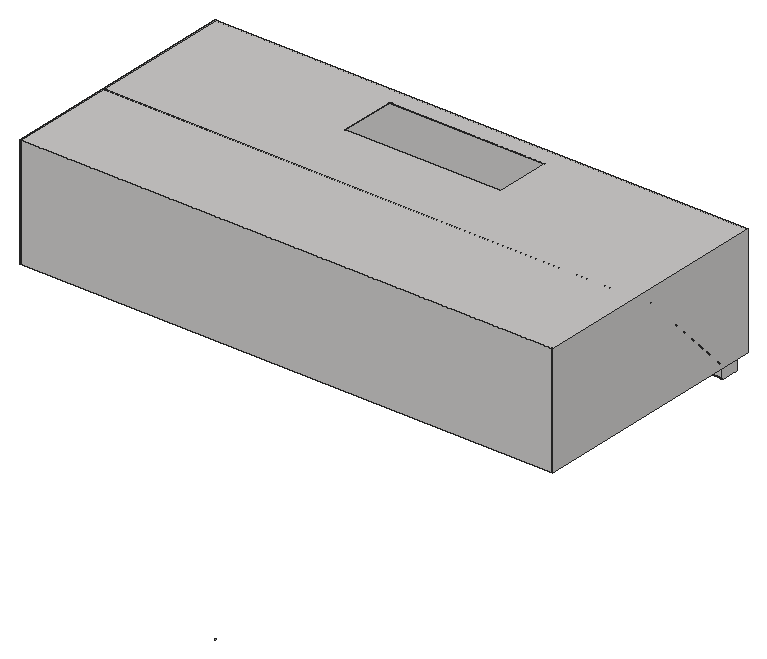
Revit family "QF_ELECTROLUXPROFESSIONAL_642018_EP1124T", category Attrezzature speciali, Revit 2021
Family settings
  Quota connettore circolare = Usa diametro
  Tipo di parte = Normale
  Basato su piano di lavoro = No
  Sempre verticale = Sì
  Taglio con vuoti quando caricato = No
  Condiviso = No
  Punto di calcolo locali = No
Parameters (values of type "Standard")
  Weight = 59.00 kg
  Watts = 0 W
  Volts = 0 V
  URL Manufacturer = "https://www.electroluxprofessional.com/"
  URL = "https://www.electroluxprofessional.com/"
  Steam Supply Size = 0 mm
  Steam Supply Minimum Pressure = 0.0 Pa
  Steam Supply Maximum Pressure = 0.0 Pa
  Steam Consumption per Hour = 0
  Refrigeration Suction Line Size = 0 mm
  Refrigeration Liquid Line Size = 0 mm
  Refrigerant Compressor Remote = yes
  Prospetto di default = 0 mm
  Produttore = "Electrolux Professional"
  Phase = 0
  Modello = "EP1124T"
  Length Actual = 2400 mm  # constant formula
  Item Number = "642018"
  Hot Water Size = 0 mm
  Height Actual = 500 mm  # constant formula
  HP = "0 HP"
  Gas Size = 0 mm
  Gas KW = 0
  Gas Input Pressure = 0 W
  Direct Waste Size = 0 mm
  Descrizione = "304 S/S WALL HOOD+FILTERS 2400X1100MM"
  Depth Actual = 1100 mm  # constant formula
  Cycle = 0 Hz
  Condensate Return Size = 0 mm
  Compressed Air Volume = 0.0 L/s
  Compressed Air Size = 0 mm
  Compressed Air Pressure = 0.0 Pa
  Cold Water Size = 0 mm
  Accessory = yes
Reference planes
  plane 1 "Center (Front/Back)": y = 0
  plane 2: z = 0
  plane 3 "Center (Left/Right)": x = 150
  plane 4 "LEFT": x = -1050
  plane 5 "RIGHT": x = 1350
  plane 6 "BACK": y = 550
  plane 7 "FRONT": y = -550
  plane 8 "TOP": z = 2500
  plane 9 "Base": z = 2000
  plane 10: z = 1926
  plane 11 "DrainY": y = 485
  plane 12: x = -1047
  plane 13: through (0, 414.509, 2000.8) normal (0, 0.7314, 0.682)
  plane 14: y = 470
  plane 15: y = 220
  plane 16 "DrainX": x = 1230
  plane 17: x = 500
  plane 18: x = -200
  plane 19: x = 1347
  plane 20: x = 1140
  plane 21: x = 1320
  plane 22: x = -1010
  plane 23: x = -645
  plane 24: x = -450
  plane 25: x = 1310
  plane 26: x = 945
  plane 27: x = 750
  plane 28: x = -47.5
  plane 29: x = 347.5
Forms (mm)
  Extrusion 1, solid, material "QF_Finishes_Stainless Steel"
    sketch origin (-1050, 0, 360) x (0, 1, 0) y (0, 0, 1)
      loop
        line (550, 1640) -> (550, 2140) -> (-550, 2140) -> (-550, 1640) -> (550, 1640)
    from 0 to 3
  Extrusion 2, solid, material "QF_Finishes_Stainless Steel"
    sketch origin (150, 0, 360) x (0, 1, 0) y (0, 0, 1)
      loop
        line (415.255, 1640) -> (550, 1640) -> (550, 2139.19) -> (549.2, 2139.19) -> (549.2, 1640.8) -> (415.876, 1640.8) -> (339.347, 1722.867) -> (349.609, 1732.436) -> (348.927, 1733.167) -> (337.934, 1722.917) -> (415.255, 1640)
      loop
        line (-82.203, 2139.19) -> (-82.203, 2118.6) -> (-31.047, 2118.6) -> (34.354, 2048.466) -> (46.028, 2059.352) -> (45.346, 2060.083) -> (34.403, 2049.879) -> (-30.612, 2119.6) -> (-81.203, 2119.6) -> (-81.203, 2139.19) -> (-82.203, 2139.19)
    from -1197 to 1197
  Extrusion 3, solid, material "QF_Finishes_Stainless Steel"
    sketch origin (1350, 0, 360) x (0, 1, 0) y (0, 0, 1)
      loop
        line (550, 1640) -> (550, 2140) -> (-550, 2140) -> (-550, 1640) -> (550, 1640)
    from 0 to -3
  Extrusion 4, solid, material "QF_Finishes_Stainless Steel"
    sketch origin (150, 0, 360) x (0, 1, 0) y (0, 0, 1)
      loop
        line (-550, 2140) -> (-550, 1640) -> (-549.2, 1640) -> (-549.2, 2139.19) -> (550, 2139.19) -> (550, 2140) -> (-550, 2140)
    from -1200 to 1200
  Extrusion 5, solid, material "QF_Finishes_Stainless Steel"
    sketch origin (150, 0, 360) x (0, 1, 0) y (0, 0, 1)
      loop
        line (534, 1640) -> (436, 1640) -> (436, 1627) -> (443.5, 1627) -> (443.5, 1576)
        arc (443.5, 1576) -> (446.429, 1568.929) -> (453.5, 1566) r 10
        line (453.5, 1566) -> (516.5, 1566)
        arc (516.5, 1566) -> (523.571, 1568.929) -> (526.5, 1576) r 10
        line (526.5, 1576) -> (526.5, 1627) -> (534, 1627) -> (534, 1640)
    from 990 to 1170
  Extrusion 6, solid, material "QF_Finishes_Stainless Steel"
    sketch origin (0, 0, 2000) x (0, 1, 0) y (-1, 0, 0)
      loop
        circle (485, -1230) r 20
    from -76 to -74
  Extrusion 7, solid, material "QF_Finished_Chrome"
    sketch origin (150, 0, 360) x (0, 1, 0) y (0, 0, 1)
      loop
        line (337.934, 1722.917) -> (341.591, 1726.327) -> (38.011, 2051.876) -> (34.354, 2048.466) -> (337.934, 1722.917)
    from -795 to -1160
  Extrusion 8, solid, material "QF_Finished_Chrome"
    sketch origin (150, 0, 360) x (0, 1, 0) y (0, 0, 1)
      loop
        line (337.934, 1722.917) -> (341.591, 1726.327) -> (38.011, 2051.876) -> (34.354, 2048.466) -> (337.934, 1722.917)
    from -197.5 to -600
  Extrusion 9, solid, material "QF_Finishes_Stainless Steel"
    sketch origin (150, 0, 360) x (0, 1, 0) y (0, 0, 1)
      loop
        line (337.934, 1722.917) -> (341.591, 1726.327) -> (38.011, 2051.876) -> (34.354, 2048.466) -> (337.934, 1722.917)
    from 1197 to 1160
  Extrusion 10, solid, material "QF_Finishes_Stainless Steel"
    sketch origin (150, 0, 360) x (0, 1, 0) y (0, 0, 1)
      loop
        line (341.588, 1726.324) -> (38.009, 2051.874) -> (34.354, 2048.466) -> (337.934, 1722.917) -> (341.588, 1726.324)
    from -795 to -600
  Extrusion 11, solid, material "QF_Finished_Chrome"
    sketch origin (150, 0, 360) x (0, 1, 0) y (0, 0, 1)
      loop
        line (341.588, 1726.324) -> (38.009, 2051.874) -> (34.354, 2048.466) -> (337.934, 1722.917) -> (341.588, 1726.324)
    from 795 to 1160
  Extrusion 12, void
    sketch origin (0, 0, 2500) x (0, 1, 0) y (-1, 0, 0)
      loop
        line (470, 200) -> (220, 200) -> (220, -500) -> (470, -500) -> (470, 200)
    from 0 to -10
  Extrusion 13, solid, material "QF_Finishes_Stainless Steel"
    sketch origin (0, 0, 0) x (1, 0, 0) y (0, 1, 0)
      loop
        line (-1050, 550) -> (-1050, 549) -> (-1049, 549) -> (-1049, 550) -> (-1050, 550)
    from 0 to 1
  Extrusion 14, solid, material "QF_Finishes_Stainless Steel"
    sketch origin (150, 0, 360) x (0, 1, 0) y (0, 0, 1)
      loop
        line (337.934, 1722.917) -> (341.591, 1726.327) -> (38.011, 2051.876) -> (34.354, 2048.466) -> (337.934, 1722.917)
    from -1160 to -1197
  Extrusion 15, solid, material "QF_Finishes_Stainless Steel"
    sketch origin (150, 0, 360) x (0, 1, 0) y (0, 0, -1)
      loop
        line (341.588, -1726.324) -> (337.934, -1722.917) -> (34.354, -2048.466) -> (38.009, -2051.874) -> (341.588, -1726.324)
    from -795 to -600
  Extrusion 16, solid, material "QF_Finished_Chrome"
    sketch origin (150, 0, 360) x (0, 1, 0) y (0, 0, 1)
      loop
        line (337.934, 1722.917) -> (341.591, 1726.327) -> (38.011, 2051.876) -> (34.354, 2048.466) -> (337.934, 1722.917)
    from 600 to 197.5
  Extrusion 17, solid, material "QF_Finishes_Stainless Steel"
    sketch origin (150, 0, 360) x (0, 1, 0) y (0, 0, -1)
      loop
        line (341.588, -1726.324) -> (337.934, -1722.917) -> (34.354, -2048.466) -> (38.009, -2051.874) -> (341.588, -1726.324)
    from -197.5 to 197.5
Cuts and joins
  Extrusion 12 cuts Extrusion 4
  joined: Extrusion 2, Extrusion 4
Lines and regions (mm)
  reference lines
    curve 1: line (150, 34.354, 2408.466) -> (150, 34.354, 2248.466)
  symbolic lines, style "SpecialityEquipment", detail levels coarse
    curve 2: line (1350, 550, 2500) -> (-1050, 550, 2500)
    curve 3: line (-1050, 550, 2500) -> (-1050, -550, 2500)
    curve 4: line (1350, -550, 2500) -> (1350, 550, 2500)
    curve 5: line (-1050, -550, 2500) -> (1350, -550, 2500)
    curve 6: line (-200, 220, 2500) -> (500, 220, 2500)
    curve 7: line (-200, 470, 2500) -> (-200, 220, 2500)
    curve 8: line (500, 470, 2500) -> (-200, 470, 2500)
    curve 9: line (500, 220, 2500) -> (500, 470, 2500)
    curve 10: line (-1050, 550, 0) -> (1350, -550, 0)
    curve 11: line (1350, 550, 0) -> (-1050, -550, 0)
Dimensions and locks
  plane 4 "LEFT" to plane 5 "RIGHT" = 2400 mm
  equal spacing: plane 4 "LEFT", plane 3 "Center (Left/Right)", plane 5 "RIGHT"
  plane 9 "Base" to plane 10 = 74 mm
  plane 6 "BACK" to plane 11 "DrainY" = 65 mm  (x2)
  plane 4 "LEFT" to plane 12 = 3 mm
  plane 6 "BACK" to plane 14 = 80 mm
  plane 14 to plane 15 = 250 mm  (x2)
  plane 16 "DrainX" to plane 5 "RIGHT" = 120 mm
  plane 19 to plane 5 "RIGHT" = 3 mm
  locked: plane 20 to plane 16 "DrainX" at 90
  locked: plane 16 "DrainX" to plane 21 at 90
  plane 6 "BACK" to plane 7 "FRONT" = 1100 mm  (x2)
  equal spacing: plane 6 "BACK", plane 1 "Center (Front/Back)", plane 7 "FRONT"
  plane 15 to plane 7 "FRONT" = 770 mm
  plane 14 to plane 6 "BACK" = 80 mm
  locked: plane 4 "LEFT" to plane 22 at 40
  locked: plane 22 to plane 23 at 365
  locked: plane 23 to plane 24 at 195
  locked: plane 25 to plane 26 at 365
  locked: plane 26 to plane 27 at 195
  locked: plane 25 to plane 5 "RIGHT" at 40
  locked: plane 28 to plane 29 at 395
  equal spacing: plane 28, plane 3 "Center (Left/Right)", plane 29
  locked: plane 18 to plane 17 at 700
  equal spacing: plane 18, plane 3 "Center (Left/Right)", plane 17
  plane 24 to plane 28 = 402.5 mm
  plane 29 to plane 27 = 402.5 mm
  locked: plane 9 "Base" to level at 2000
  locked: plane 8 "TOP" to plane 9 "Base" at 500
  aligned and locked: level to plane 2
  aligned and locked: Extrusion 2 to Extrusion 1
  aligned and locked: Extrusion 2 to Extrusion 3
  aligned and locked: plane 5 "RIGHT" to Extrusion 4
  aligned and locked: Extrusion 4 to plane 4 "LEFT"
  aligned and locked: plane 19 to Extrusion 9
  aligned and locked: plane 18 to Extrusion 12
  aligned and locked: Extrusion 12 to plane 17
  aligned and locked: Extrusion 12 to plane 15
  aligned and locked: Extrusion 12 to plane 14
  aligned and locked: Extrusion 2 to Extrusion 4
  aligned and locked: plane 21 to Extrusion 5
  aligned and locked: Extrusion 5 to plane 20
  aligned and locked: Extrusion 9 to plane 25
  aligned and locked: Extrusion 11 to plane 25
  aligned and locked: Extrusion 11 to plane 26
  aligned and locked: Extrusion 8 to plane 24
  aligned and locked: plane 24 to Extrusion 10
  aligned and locked: Extrusion 10 to plane 23
  aligned and locked: plane 23 to Extrusion 7
  aligned and locked: Extrusion 7 to plane 22
  aligned and locked: Extrusion 14 to plane 12
  aligned and locked: plane 22 to Extrusion 14
  aligned and locked: Extrusion 15 to plane 27
  aligned and locked: Extrusion 15 to plane 26
  aligned and locked: Extrusion 3 to plane 19
  aligned and locked: plane 28 to Extrusion 8
  aligned and locked: Extrusion 16 to plane 27
  aligned and locked: Extrusion 16 to plane 29
  aligned and locked: plane 29 to Extrusion 17
  aligned and locked: Extrusion 17 to plane 28
Automatic sketch dimensions
  curve 5 to plane 4 "LEFT" = 0 mm
  curve 5 to plane 7 "FRONT" = 0 mm
  curve 9 to plane 15 = 0 mm
  plane 14 to curve 8 = 0 mm
  curve 3 to plane 6 "BACK" = 0 mm
  curve 5 to plane 5 "RIGHT" = 0 mm
  curve 6 to plane 17 = 0 mm
  curve 6 to plane 18 = 0 mm
  Extrusion 1 sketch curve to plane 9 "Base" = 0 mm
  Extrusion 1 sketch curve to plane 6 "BACK" = 0 mm
  Extrusion 1 sketch curve to plane 8 "TOP" = 0 mm
  Extrusion 2 sketch curve to plane 13 = 0 mm  (x3)
  Extrusion 2 sketch curve to plane 9 "Base" = 0 mm
  plane 13 to Extrusion 2 sketch curve = 0 mm
  Extrusion 2 sketch curve to plane 6 "BACK" = 0 mm
  Extrusion 2 sketch curve to Extrusion 2 sketch curve = 65.646 mm
  Extrusion 2 sketch curve to Extrusion 2 sketch curve = 0.682 mm  (x2)
  Extrusion 2 sketch curve to Extrusion 2 sketch curve = 10.261 mm
  plane 9 "Base" to Extrusion 2 sketch curve = 82.917 mm
  Extrusion 2 sketch curve to plane 1 "Center (Front/Back)" = 46.028 mm
  Extrusion 2 sketch curve to Extrusion 2 sketch curve = 10.942 mm
  Extrusion 2 sketch curve to Extrusion 2 sketch curve = 0.049 mm
  Extrusion 2 sketch curve to plane 8 "TOP" = 20.4 mm
  Extrusion 2 sketch curve to plane 8 "TOP" = 21.4 mm
  Extrusion 2 sketch curve to plane 8 "TOP" = 0.81 mm  (x2)
  Extrusion 2 sketch curve to Extrusion 2 sketch curve = 50.156 mm
  Extrusion 2 sketch curve to Extrusion 2 sketch curve = 1 mm
  plane 9 "Base" to Extrusion 2 sketch curve = 0.8 mm
  Extrusion 2 sketch curve to plane 6 "BACK" = 0.8 mm
  Extrusion 3 sketch curve to plane 9 "Base" = 0 mm
  Extrusion 3 sketch curve to plane 6 "BACK" = 0 mm
  Extrusion 3 sketch curve to plane 8 "TOP" = 0 mm
  Extrusion 4 sketch curve to plane 7 "FRONT" = 0 mm
  Extrusion 4 sketch curve to plane 6 "BACK" = 0 mm
  Extrusion 4 sketch curve to plane 8 "TOP" = 0 mm
  plane 7 "FRONT" to Extrusion 4 sketch curve = 0.8 mm
  Extrusion 4 sketch curve to plane 8 "TOP" = 0.81 mm
  curve 1 to plane 13 = 0 mm
  curve 1 to plane 1 "Center (Front/Back)" = 34.354 mm
  Extrusion 5 sketch curve to plane 9 "Base" = 0 mm
  Extrusion 5 sketch curve to plane 10 = 0 mm
  Extrusion 5 sketch curve to plane 9 "Base" = 13 mm  (x2)
  plane 14 to Extrusion 5 sketch curve = 34 mm
  Extrusion 5 sketch curve to Extrusion 5 sketch curve = 7.5 mm  (x2)
  Extrusion 5 sketch curve to Extrusion 5 sketch curve = 10 mm
  plane 11 "DrainY" to Extrusion 5 sketch curve = 31.5 mm
  Extrusion 5 sketch curve to plane 6 "BACK" = 23.5 mm
  Extrusion 6 sketch curve to plane 11 "DrainY" = 0 mm
  Extrusion 6 sketch curve to plane 16 "DrainX" = 0 mm
  Extrusion 7 sketch curve to plane 13 = 0 mm  (x2)
  Extrusion 7 sketch curve to plane 1 "Center (Front/Back)" = 34.354 mm
  Extrusion 7 sketch curve to Extrusion 7 sketch curve = 3.657 mm
  plane 9 "Base" to Extrusion 7 sketch curve = 82.917 mm
  Extrusion 8 sketch curve to plane 13 = 0 mm  (x2)
  Extrusion 8 sketch curve to plane 1 "Center (Front/Back)" = 34.354 mm
  Extrusion 8 sketch curve to Extrusion 8 sketch curve = 3.657 mm
  plane 9 "Base" to Extrusion 8 sketch curve = 82.917 mm
  Extrusion 9 sketch curve to plane 13 = 0 mm  (x2)
  Extrusion 9 sketch curve to plane 1 "Center (Front/Back)" = 34.354 mm
  Extrusion 9 sketch curve to Extrusion 9 sketch curve = 3.657 mm
  plane 9 "Base" to Extrusion 9 sketch curve = 82.917 mm
  Extrusion 10 sketch curve to plane 13 = 0 mm  (x2)
  Extrusion 10 sketch curve to plane 1 "Center (Front/Back)" = 34.354 mm
  Extrusion 10 sketch curve to Extrusion 10 sketch curve = 3.655 mm
  plane 9 "Base" to Extrusion 10 sketch curve = 82.917 mm
  Extrusion 11 sketch curve to plane 13 = 0 mm  (x2)
  Extrusion 11 sketch curve to plane 1 "Center (Front/Back)" = 34.354 mm
  Extrusion 11 sketch curve to Extrusion 11 sketch curve = 3.655 mm
  plane 9 "Base" to Extrusion 11 sketch curve = 82.917 mm
  Extrusion 12 sketch curve to plane 15 = 0 mm
  plane 14 to Extrusion 12 sketch curve = 0 mm
  Extrusion 12 sketch curve to plane 17 = 0 mm
  Extrusion 12 sketch curve to plane 18 = 0 mm
  Extrusion 13 sketch curve to plane 4 "LEFT" = 0 mm
  Extrusion 13 sketch curve to plane 6 "BACK" = 0 mm
  plane 4 "LEFT" to Extrusion 13 sketch curve = 1 mm
  Extrusion 13 sketch curve to Extrusion 13 sketch curve = 1 mm
  Extrusion 14 sketch curve to plane 13 = 0 mm  (x2)
  Extrusion 14 sketch curve to plane 1 "Center (Front/Back)" = 34.354 mm
  Extrusion 14 sketch curve to Extrusion 14 sketch curve = 3.657 mm
  plane 9 "Base" to Extrusion 14 sketch curve = 82.917 mm
  Extrusion 15 sketch curve to plane 13 = 0 mm  (x2)
  Extrusion 15 sketch curve to plane 1 "Center (Front/Back)" = 34.354 mm
  Extrusion 15 sketch curve to Extrusion 15 sketch curve = 3.655 mm
  plane 9 "Base" to Extrusion 15 sketch curve = 82.917 mm
  Extrusion 16 sketch curve to plane 13 = 0 mm  (x2)
  Extrusion 16 sketch curve to plane 1 "Center (Front/Back)" = 34.354 mm
  Extrusion 16 sketch curve to Extrusion 16 sketch curve = 3.657 mm
  plane 9 "Base" to Extrusion 16 sketch curve = 82.917 mm
  Extrusion 17 sketch curve to plane 13 = 0 mm  (x2)
  Extrusion 17 sketch curve to plane 1 "Center (Front/Back)" = 34.354 mm
  Extrusion 17 sketch curve to Extrusion 17 sketch curve = 3.655 mm
  plane 9 "Base" to Extrusion 17 sketch curve = 82.917 mm
  Extrusion 4 sketch curve to Extrusion 4 sketch curve = 499.19 mm
  curve 1 to curve 1 = 160 mm
  Extrusion 1 sketch curve to plane 7 "FRONT" = 0 mm
  Extrusion 3 sketch curve to plane 7 "FRONT" = 0 mm
  curve 11 to plane 4 "LEFT" = 0 mm
  curve 10 to plane 4 "LEFT" = 0 mm
  curve 11 to plane 5 "RIGHT" = 0 mm
  curve 10 to plane 5 "RIGHT" = 0 mm
  curve 10 to plane 7 "FRONT" = 0 mm
  curve 11 to plane 7 "FRONT" = 0 mm
  curve 11 to plane 6 "BACK" = 0 mm
  curve 10 to plane 6 "BACK" = 0 mm
  radius of Extrusion 6 sketch curve = 20 mm
Connectors
  piping at (1230, 485, 1924), diameter 20
    settings: on Extrusion 6, index 1, connector inside diameter 609.6 mm, connector length 0 mm, flow factor 0, pipe flow 0.0 L/s, pressure drop 0.0 Pa, fitting loss kfactor 0, connector angle 0.00°, fixture units 0, engagement length 0 mm, angle of deflection 0.00°, flow configuration 1, flow direction 2, fitting loss method 0, system type 16, joint type 0, gender type 0, connector reference index -1, connector utility 0, adjustable connector no, is connector primary yes, connector description "Drain"
  hvac at (150, 345, 2500)
    settings: on Extrusion 12, index 2, duct flow 0.0 L/s, flow factor 0, pres drop 0.0 Pa, loss coef 0, conn angle 0.00°, conn width 250 mm, conn height 700 mm, conn diameter 609.6 mm, duct sys type 3, conn prof type 1, flow config 1, flow direction 0, loss method 0, conn ref index -1, conn util no, is conn primary yes, conn desc "EXHAUST OUTLET"
